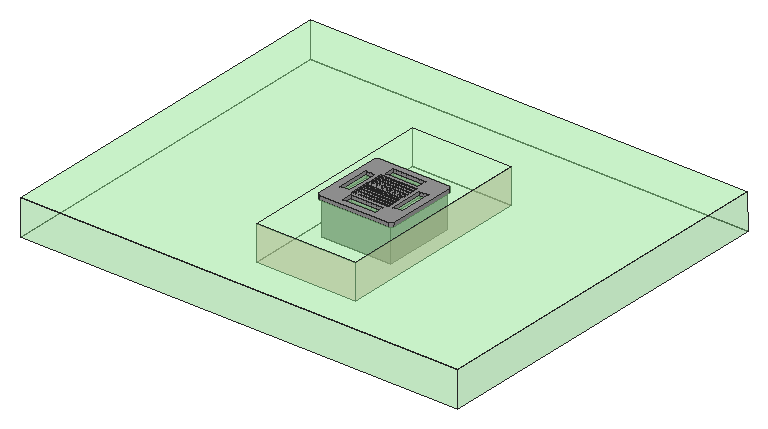
Revit family "BC_Hitachi_Cassette-RCIM-FSR-0.6-2.5_LOD400", category Mechanical Equipment, host Face, Revit 2018
Family settings
  Host = Face
  Round Connector Dimension = Use Diameter
  Part Type = Normal
  OmniClass Number = 23.75.70.00
  OmniClass Title = HVAC Distribution Devices
  Cut with Voids When Loaded = No
  Shared = No
  Room Calculation Point = No
Parameters (values of type "RCIM-0.4FSRE")
  Usage Current = 5 A
  Uniformat code = "D3040"
  Uniformat = "Distribution Systems"
  Sound power at rated load = 43
  Service space [instance] = yes
  Refrigerant Type = "R410A / R32"
  Reference = "RCIM-0.4FSRE"
  Product Code = "7E414148"
  Overall width = 570.00 mm
  Overall height = 570.00 mm
  Overall depth = 285.00 mm
  Outlet Diameter = 32.00 mm
  OmniClass description = "Air Handling Units"
  OmniClass code = "23-33 25 00"
  Number of Poles = 1
  Nominal Voltage = 230 V
  Name BIM&CO = "Indoor Unit"
  Minimum Air Flow = 6000.0 L/min
  Minimum AC Voltage = 207 V
  Maximum Air Flow = 8500.0 L/min
  Maximum AC Voltage = 253 V
  Masterformat Code = "23 73 00"
  MasterFormat = "Indoor Central-Station Air-Handling Units"
  Mass = 18.50 kg
  Manufacturer Product Link = ""
  Liquid Diameter = 6.35 mm
  Heating Capacity = 1.3 kW
  Gas Diameter = 12.70 mm
  GTIN (Global Trade Item Number)  = ""
  Frequency = 50 Hz
  Description = "Compact cassette 600 x 600 .Fits perfectly into a false ceiling tile..Individual control setting for each louver."
  Operation space [instance] = yes
  Model = "Cassette 600 x 600 RCIM FSR"
  Face Length = 620.00 mm
  Face Width = 620.00 mm
  Fan motor input = 57 W
  Manufacturer = "Hitachi Air Conditioning Europe SAS"
  Default Elevation = 1219.20 mm
  Cooling Capacity = 1.1 kW
  Type Comments = "RCIM-0.4FSRE"
  Color = "Neutral white (4.56Y8.85/0.38)"
  BC_VARIANT_ID = "508743"
  BC_OBJECT_VERSION = "#8"  # constant formula
  BC_OBJECT_ID = "209115"  # constant formula
  BC_MODEL_ID = ""  # constant formula
  Air Flow (HiH/Hi/Me/low) m3/min = "10/8.5/7.5/6"
  Acoustic Pressure Level Mini = 0
  Acoustic Pressure Level Maxi = 0
Types (7, lengths in mm): name | Sound power at rated load | Reference | Product Code | Minimum Air Flow | Maximum Air Flow | Mass | Liquid Diameter | Heating Capacity | Gas Diameter | Cooling Capacity | Type Comments | BC_VARIANT_ID | Air Flow (HiH/Hi/Me/low) m3/min | Acoustic Pressure Level Mini | Acoustic Pressure Level Maxi
  RCIM-2.5FSRE | 60 | "RCIM-2.5FSRE" | "7E414104" | 10000.0 L/min | 16000.0 L/min | 20.00 kg | 9.52 | 6.3 kW | 15.88 | 5.6 kW | "RCIM-2.5FSRE" | "508738" | "16/14/12/10" | 35 | 47
  RCIM-2.0FSRE | 56 | "RCIM-2.0FSRE" | "7E414103" | 8000.0 L/min | 15000.0 L/min | 20.00 kg | 6.35 | 5.6 kW | 12.70 | 5 kW | "RCIM-2.0FSRE" | "508742" | "15/12/10/8" | 31 | 45
  RCIM-1.5FSRE | 54 | "RCIM-1.5FSRE" | "7E414102" | 7000.0 L/min | 13000.0 L/min | 19.00 kg | 6.35 | 4 kW | 12.70 | 3.5 kW | "RCIM-0.4FSRE" | "508741" | "13/11/9.5/7" | 27.5 | 41
  RCIM-1.0FSRE | 51 | "RCIM-1.0FSRE" | "7E414101" | 6000.0 L/min | 12000.0 L/min | 19.00 kg | 6.35 | 2.8 kW | 12.70 | 2.5 kW | "RCIM-1.0FSRE" | "508740" | "12/10/8.5/6" | 24.5 | 38
  RCIM-0.8FSRE | 50 | "RCIM-0.8FSRE" | "7E414100" | 6000.0 L/min | 11000.0 L/min | 19.00 kg | 6.35 | 2.2 kW | 12.70 | 2 kW | "RCIM-0.8FSRE" | "508744" | "11/9.5/8/6" | 24.5 | 36
  RCIM-0.6FSRE | 47 | "RCIM-0.6FSRE" | "7E414137" | 6000.0 L/min | 10000.0 L/min | 19.00 kg | 6.35 | 1.9 kW | 12.70 | 1.7 kW | "RCIM-0.6FSRE" | "508739" | "10/8.5/7.5/6" | 24.5 | 34
  RCIM-0.4FSRE | 43 | "RCIM-0.4FSRE" | "7E414148" | 6000.0 L/min | 8500.0 L/min | 18.50 kg | 6.35 | 1.3 kW | 12.70 | 1.1 kW | "RCIM-0.4FSRE" | "508743" | "10/8.5/7.5/6" | 0 | 0
Reference planes
  plane 1 "Centre (avant/arrière)": y = 0
  plane 2 "L1": z = 0
  plane 3 "Centre (gauche/droite)": x = 0
  plane 4 "AVANT": y = 285
  plane 5 "DROITE": x = 285
  plane 6 "GAUCHE": x = -285
  plane 7 "ARRIERE": y = -285
  plane 8: z = -285
  plane 9 "AVANT FACADE": y = 310
  plane 10 "ARRIER FACADE": y = -310
  plane 11 "GAUCHE FACADE": x = -310
  plane 12 "DROIT FACADE": x = 310
  plane 13 "Facade": z = 30
  plane 14 "Decalage connecteurs": y = 265
  plane 15: x = -1810
  plane 16 "OS_Nord": y = 1500
  plane 17: x = 1810
  plane 18 "OS_Sud": y = -1500
  plane 19: x = -410
  plane 20 "SS_Nord": y = 810
  plane 21: x = 410
  plane 22 "SS_Sud": y = -810
  plane 23 "L2": z = -295
Forms (mm)
  Extrusion 1, solid, material "Aluminum"
    sketch origin (0, 0, 0) x (1, 0, 0) y (0, 1, 0)
      loop
        line (-145, 285) -> (-145, 265) -> (-285, 265) -> (-285, -285) -> (285, -285) -> (285, 285) -> (-145, 285)
    from 0 to -285
  Extrusion 2, solid, material "Plastic, Opaque White"
    sketch origin (0, 0, 0) x (1, 0, 0) y (0, 1, 0)
      loop
        arc (-285, 310) -> (-302.678, 302.678) -> (-310, 285) r 25
        line (-310, 285) -> (-310, -285)
        arc (-310, -285) -> (-302.678, -302.678) -> (-285, -310) r 25
        line (-285, -310) -> (285, -310)
        arc (285, -310) -> (302.678, -302.678) -> (310, -285) r 25
        line (310, -285) -> (310, 285)
        arc (310, 285) -> (302.678, 302.678) -> (285, 310) r 25
        line (285, 310) -> (-285, 310)
    from 0 to 30
  Extrusion 3, solid, material "Copper"
    sketch origin (0, 265, 0) x (-1, 0, 0) y (0, 0, 1)
      loop
        circle (220, -145) r 6.35
    from 0 to 69
  Extrusion 4, solid, material "Copper"
    sketch origin (0, 265, 0) x (-1, 0, 0) y (0, 0, 1)
      loop
        circle (169, -68) r 3.175
    from 0 to 84
  Extrusion 5, solid, material "Plastic, Opaque White"
    sketch origin (431, 285, 0) x (-1, 0, 0) y (0, 0, 1)
      loop
        circle (220, -108) r 16
    from 0 to 57
  Extrusion 6, solid, material "Aluminum"
    sketch origin (0, 285, 0) x (-1, 0, 0) y (0, 0, 1)
      loop
        line (132.318, 0) -> (-161.185, 0) -> (-161.185, -285) -> (132.318, -285) -> (132.318, 0)
    from 0 to 50
  Extrusion 7, void
    sketch origin (0, 0, 30) x (-1, 0, 0) y (0, -1, 0)
      loop
        line (134.211, -260) -> (134.211, -180) -> (-134.211, -180) -> (-134.211, -260) -> (134.211, -260)
      loop
        line (-180, -134.211) -> (-180, 134.211) -> (-260, 134.211) -> (-260, -134.211) -> (-180, -134.211)
      loop
        line (134.211, 180) -> (134.211, 260) -> (-134.211, 260) -> (-134.211, 180) -> (134.211, 180)
      loop
        line (260, -134.211) -> (260, 134.211) -> (180, 134.211) -> (180, -134.211) -> (260, -134.211)
      loop
        line (150, -150) -> (150, -134.211) -> (-150, -134.211) -> (-150, -150) -> (150, -150)
      loop
        line (150, -118.421) -> (150, -102.632) -> (-150, -102.632) -> (-150, -118.421) -> (150, -118.421)
      loop
        line (150, -86.842) -> (150, -71.053) -> (-150, -71.053) -> (-150, -86.842) -> (150, -86.842)
      loop
        line (150, -55.263) -> (150, -39.474) -> (-150, -39.474) -> (-150, -55.263) -> (150, -55.263)
      loop
        line (150, -23.684) -> (150, -7.895) -> (-150, -7.895) -> (-150, -23.684) -> (150, -23.684)
      loop
        line (150, 7.895) -> (150, 23.684) -> (-150, 23.684) -> (-150, 7.895) -> (150, 7.895)
      loop
        line (150, 39.474) -> (150, 55.263) -> (-150, 55.263) -> (-150, 39.474) -> (150, 39.474)
      loop
        line (150, 71.053) -> (150, 86.842) -> (-150, 86.842) -> (-150, 71.053) -> (150, 71.053)
      loop
        line (150, 102.632) -> (150, 118.421) -> (-150, 118.421) -> (-150, 102.632) -> (150, 102.632)
      loop
        line (150, 134.211) -> (150, 150) -> (-150, 150) -> (-150, 134.211) -> (150, 134.211)
    from 0 to -50
  Extrusion 8, solid, material "Service space", visible <- "Service space"
    sketch origin (0, 0, -295) x (1, 0, 0) y (0, 1, 0)
      loop
        line (-410, 810) -> (-410, -810) -> (410, -810) -> (410, 810) -> (-410, 810)
    from 0 to 295
  Extrusion 9, solid, material "Operation space", visible <- "Operation space"
    sketch origin (0, 0, -295) x (1, 0, 0) y (0, 1, 0)
      loop
        line (-1810, 1500) -> (-1810, -1500) -> (1810, -1500) -> (1810, 1500) -> (-1810, 1500)
    from 0 to 295
Cuts and joins
  Extrusion 7 cuts Extrusion 1
  Extrusion 7 cuts Extrusion 2
Lines and regions (mm)
  model lines, style "MechanicalEquipmentHiddenLines", visible <- "Operation space"
    curve 1: line (-1810, 1500, 0) -> (1810, 1500, 0)
    curve 2: line (-1810, -1500, 0) -> (-1810, 1500, 0)
    curve 3: line (1810, -1500, 0) -> (-1810, -1500, 0)
    curve 4: line (1810, 1500, 0) -> (1810, -1500, 0)
    curve 5: line (-1810, 1500, -295) -> (1810, 1500, -295)
    curve 6: line (-1810, -1500, -295) -> (-1810, 1500, -295)
    curve 7: line (1810, -1500, -295) -> (-1810, -1500, -295)
    curve 8: line (1810, 1500, -295) -> (1810, -1500, -295)
    curve 21: line (-1810, -1500, 0) -> (-1810, -1500, -295)
    curve 22: line (1810, -1500, -295) -> (1810, -1500, 0)
    curve 23: line (1810, 1500, -295) -> (1810, 1500, 0)
    curve 24: line (-1810, 1500, -295) -> (-1810, 1500, 0)
  model lines, style "MechanicalEquipmentHiddenLines", visible <- "Service space"
    curve 9: line (-410, 810, -295) -> (410, 810, -295)
    curve 10: line (-410, -810, -295) -> (-410, 810, -295)
    curve 11: line (410, -810, -295) -> (-410, -810, -295)
    curve 12: line (410, 810, -295) -> (410, -810, -295)
    curve 13: line (-410, 810, 0) -> (410, 810, 0)
    curve 14: line (-410, -810, 0) -> (-410, 810, 0)
    curve 15: line (410, -810, 0) -> (-410, -810, 0)
    curve 16: line (410, 810, 0) -> (410, -810, 0)
    curve 17: line (-410, 810, -295) -> (410, 810, -295)
    curve 18: line (-410, -810, -295) -> (-410, 810, -295)
    curve 19: line (410, -810, -295) -> (-410, -810, -295)
    curve 20: line (410, 810, -295) -> (410, -810, -295)
    curve 25: line (-410, 810, 0) -> (-410, 810, -295)
    curve 26: line (410, 810, 0) -> (410, 810, -295)
    curve 27: line (410, -810, 0) -> (410, -810, -295)
    curve 28: line (-410, -810, 0) -> (-410, -810, -295)
  model lines
    curve 29: line (-150, 150, 30) -> (150, 150, 30)
    curve 30: line (-150, -150, 30) -> (-150, 150, 30)
    curve 31: line (150, -150, 30) -> (-150, -150, 30)
    curve 32: line (150, 150, 30) -> (150, -150, 30)
    curve 33: line (-150, 134.211, 30) -> (150, 134.211, 30)
    curve 34: line (-150, 118.421, 30) -> (150, 118.421, 30)
    curve 35: line (-150, 102.632, 30) -> (150, 102.632, 30)
    curve 36: line (-150, 86.842, 30) -> (150, 86.842, 30)
    curve 37: line (-150, 71.053, 30) -> (150, 71.053, 30)
    curve 38: line (-150, 55.263, 30) -> (150, 55.263, 30)
    curve 39: line (-150, 39.474, 30) -> (150, 39.474, 30)
    curve 40: line (-150, 23.684, 30) -> (150, 23.684, 30)
    curve 41: line (-150, 7.895, 30) -> (150, 7.895, 30)
    curve 42: line (-150, -7.895, 30) -> (150, -7.895, 30)
    curve 43: line (-150, -23.684, 30) -> (150, -23.684, 30)
    curve 44: line (-150, -39.474, 30) -> (150, -39.474, 30)
    curve 45: line (-150, -55.263, 30) -> (150, -55.263, 30)
    curve 46: line (-150, -71.053, 30) -> (150, -71.053, 30)
    curve 47: line (-150, -86.842, 30) -> (150, -86.842, 30)
    curve 48: line (-150, -102.632, 30) -> (150, -102.632, 30)
    curve 49: line (-150, -118.421, 30) -> (150, -118.421, 30)
    curve 50: line (-150, -134.211, 30) -> (150, -134.211, 30)
    curve 51: line (-260, 134.211, 30) -> (-180, 134.211, 30)
    curve 52: line (-260, -134.211, 30) -> (-260, 134.211, 30)
    curve 53: line (-180, -134.211, 30) -> (-260, -134.211, 30)
    curve 54: line (-180, 134.211, 30) -> (-180, -134.211, 30)
    curve 55: line (134.211, 260, 30) -> (134.211, 180, 30)
    curve 56: line (-134.211, 260, 30) -> (134.211, 260, 30)
    curve 57: line (-134.211, 180, 30) -> (-134.211, 260, 30)
    curve 58: line (134.211, 180, 30) -> (-134.211, 180, 30)
    curve 59: line (260, -134.211, 30) -> (180, -134.211, 30)
    curve 60: line (260, 134.211, 30) -> (260, -134.211, 30)
    curve 61: line (180, 134.211, 30) -> (260, 134.211, 30)
    curve 62: line (180, -134.211, 30) -> (180, 134.211, 30)
    curve 63: line (-134.211, -260, 30) -> (-134.211, -180, 30)
    curve 64: line (134.211, -260, 30) -> (-134.211, -260, 30)
    curve 65: line (134.211, -180, 30) -> (134.211, -260, 30)
    curve 66: line (-134.211, -180, 30) -> (134.211, -180, 30)
Dimensions and locks
  equal spacing: plane 6 "GAUCHE", plane 3 "Centre (gauche/droite)", plane 5 "DROITE"
  equal spacing: plane 7 "ARRIERE", plane 1 "Centre (avant/arrière)", plane 4 "AVANT"
  "Overall height": plane 6 "GAUCHE" to plane 5 "DROITE"
  "Overall width": plane 4 "AVANT" to plane 7 "ARRIERE"
  "Overall depth": plane 2 "L1" to plane 8
  equal spacing: plane 11 "GAUCHE FACADE", plane 3 "Centre (gauche/droite)", plane 12 "DROIT FACADE"
  equal spacing: plane 10 "ARRIER FACADE", plane 1 "Centre (avant/arrière)", plane 9 "AVANT FACADE"
  "Face Length": plane 11 "GAUCHE FACADE" to plane 12 "DROIT FACADE"
  "Face Width": plane 10 "ARRIER FACADE" to plane 9 "AVANT FACADE"
  Extrusion 3 sketch curve to plane 8 = 140.00 mm
  plane 11 "GAUCHE FACADE" to Extrusion 3 sketch curve = 90.00 mm
  Extrusion 5 sketch curve to plane 8 = 177.00 mm
  equal spacing: plane 15, plane 3 "Centre (gauche/droite)", plane 17
  plane 12 "DROIT FACADE" to plane 17 = 1500.00 mm
  equal spacing: plane 16 "OS_Nord", plane 1 "Centre (avant/arrière)", plane 18 "OS_Sud"
  plane 16 "OS_Nord" to plane 1 "Centre (avant/arrière)" = 1500.00 mm
  equal spacing: plane 19, plane 3 "Centre (gauche/droite)", plane 21
  equal spacing: plane 22 "SS_Sud", plane 1 "Centre (avant/arrière)", plane 20 "SS_Nord"
  plane 19 to plane 11 "GAUCHE FACADE" = 100.00 mm
  plane 20 "SS_Nord" to plane 9 "AVANT FACADE" = 500.00 mm
  locked: plane 23 "L2" to plane 8 at 10
  equal spacing: curve 30, plane 3 "Centre (gauche/droite)", curve 32
  equal spacing: curve 31, plane 1 "Centre (avant/arrière)", curve 29
  plane 3 "Centre (gauche/droite)" to curve 32 = 150.00 mm
  curve 31 to plane 1 "Centre (avant/arrière)" = 150.00 mm
  "Gas Diameter": diameter of Extrusion 3 sketch curve
  "Liquid Diameter": diameter of Extrusion 4 sketch curve
  "Outlet Diameter": diameter of Extrusion 5 sketch curve
  aligned and locked: plane 2 "L1" to host face
  aligned and locked: level to host face
  aligned and locked: Extrusion 1 sketch curve to plane 4 "AVANT"
  aligned and locked: Extrusion 1 sketch curve to plane 6 "GAUCHE"
  aligned and locked: Extrusion 1 sketch curve to plane 7 "ARRIERE"
  aligned and locked: Extrusion 1 sketch curve to plane 5 "DROITE"
  aligned and locked: Extrusion 1 to plane 8
  aligned and locked: plane 14 "Decalage connecteurs" to Extrusion 1
  aligned and locked: curve 1 to plane 16 "OS_Nord"
  aligned and locked: curve 2 to plane 15
  aligned and locked: plane 18 "OS_Sud" to curve 3
  aligned and locked: curve 4 to plane 17
  aligned and locked: curve 5 to curve 1
  aligned and locked: curve 6 to curve 2
  aligned and locked: curve 7 to curve 3
  aligned and locked: curve 8 to curve 4
  aligned and locked: curve 9 to plane 20 "SS_Nord"
  aligned and locked: curve 10 to plane 19
  aligned and locked: plane 22 "SS_Sud" to curve 11
  aligned and locked: curve 12 to plane 21
  aligned and locked: Extrusion 7 sketch curve to curve 56
  aligned and locked: Extrusion 7 sketch curve to curve 57
  aligned and locked: Extrusion 7 sketch curve to curve 58
  aligned and locked: Extrusion 7 sketch curve to curve 55
  aligned and locked: Extrusion 7 sketch curve to curve 61
  aligned and locked: Extrusion 7 sketch curve to curve 62
  aligned and locked: Extrusion 7 sketch curve to curve 59
  aligned and locked: Extrusion 7 sketch curve to curve 60
  aligned and locked: Extrusion 7 sketch curve to curve 66
  aligned and locked: Extrusion 7 sketch curve to curve 63
  aligned and locked: Extrusion 7 sketch curve to curve 64
  aligned and locked: Extrusion 7 sketch curve to curve 65
  aligned and locked: Extrusion 7 sketch curve to curve 51
  aligned and locked: Extrusion 7 sketch curve to curve 52
  aligned and locked: Extrusion 7 sketch curve to curve 53
  aligned and locked: Extrusion 7 sketch curve to curve 54
  aligned and locked: Extrusion 7 sketch curve to curve 29
  aligned and locked: curve 30 to Extrusion 7 sketch curve
  aligned and locked: Extrusion 7 sketch curve to curve 33
  aligned and locked: Extrusion 7 sketch curve to curve 32
  aligned and locked: Extrusion 8 sketch curve to curve 9
  aligned and locked: Extrusion 8 sketch curve to curve 10
  aligned and locked: Extrusion 8 sketch curve to curve 11
  aligned and locked: Extrusion 8 sketch curve to curve 12
  aligned and locked: level to Extrusion 8
  aligned and locked: Extrusion 9 sketch curve to curve 1
  aligned and locked: Extrusion 9 sketch curve to curve 2
  aligned and locked: Extrusion 9 sketch curve to curve 3
  aligned and locked: Extrusion 9 sketch curve to curve 4
  aligned and locked: Extrusion 9 to level
Automatic sketch dimensions
  host sketch curve to host sketch curve = 2438.40 mm  (x2)
  Extrusion 6 sketch curve to level = 0.00 mm
  Extrusion 6 sketch curve to plane 8 = 0.00 mm
  Extrusion 6 sketch curve to plane 5 "DROITE" = 123.815 mm
  Extrusion 6 sketch curve to plane 3 "Centre (gauche/droite)" = 132.318 mm
  Extrusion 1 sketch curve to plane 4 "AVANT" = 20.00 mm
  Extrusion 1 sketch curve to plane 6 "GAUCHE" = 140.00 mm
  curve 22 to plane 17 = 0.00 mm
  plane 15 to curve 21 = 0.00 mm
  curve 21 to plane 23 "L2" = 0.00 mm
  curve 22 to plane 23 "L2" = 0.00 mm
  curve 22 to level = 0.00 mm
  curve 21 to level = 0.00 mm
  curve 23 to level = 0.00 mm
  curve 23 to plane 17 = 0.00 mm
  curve 24 to level = 0.00 mm
  plane 15 to curve 24 = 0.00 mm
  curve 24 to plane 23 "L2" = 0.00 mm
  curve 23 to plane 23 "L2" = 0.00 mm
  curve 26 to level = 0.00 mm
  curve 26 to plane 21 = 0.00 mm
  plane 19 to curve 25 = 0.00 mm
  curve 25 to plane 23 "L2" = 0.00 mm
  curve 26 to plane 23 "L2" = 0.00 mm
  curve 25 to level = 0.00 mm
  curve 27 to plane 21 = 0.00 mm
  plane 19 to curve 28 = 0.00 mm
  curve 27 to plane 23 "L2" = 0.00 mm
  curve 28 to plane 23 "L2" = 0.00 mm
  curve 28 to level = 0.00 mm
  curve 27 to level = 0.00 mm
  curve 15 to plane 19 = 0.00 mm
  curve 16 to plane 20 "SS_Nord" = 0.00 mm
  curve 16 to plane 21 = 0.00 mm
  curve 14 to plane 22 "SS_Sud" = 0.00 mm
  curve 29 to plane 14 "Decalage connecteurs" = 115.00 mm
  plane 1 "Centre (avant/arrière)" to curve 42 = 7.895 mm
  curve 40 to plane 1 "Centre (avant/arrière)" = 23.684 mm
  curve 33 to curve 51 = 30.00 mm
  curve 29 to curve 52 = 15.789 mm
  curve 29 to curve 33 = 15.789 mm
  curve 33 to curve 34 = 15.789 mm
  curve 34 to curve 35 = 15.789 mm
  curve 35 to curve 36 = 15.789 mm
  curve 36 to curve 37 = 15.789 mm
  curve 37 to curve 38 = 15.789 mm
  curve 38 to curve 39 = 15.789 mm
  curve 41 to plane 1 "Centre (avant/arrière)" = 7.895 mm
  curve 42 to curve 43 = 15.789 mm
  curve 43 to curve 44 = 15.789 mm
  curve 44 to curve 45 = 15.789 mm
  curve 45 to curve 46 = 15.789 mm
  curve 46 to curve 47 = 15.789 mm
  curve 47 to curve 48 = 15.789 mm
  curve 48 to curve 49 = 15.789 mm
  curve 52 to curve 30 = 15.789 mm
  curve 50 to curve 30 = 15.789 mm
  curve 62 to curve 33 = 30.00 mm
  curve 60 to plane 5 "DROITE" = 25.00 mm
  curve 64 to plane 7 "ARRIERE" = 25.00 mm
  curve 29 to curve 58 = 15.789 mm
  curve 31 to curve 66 = 15.789 mm
  curve 63 to curve 30 = 15.789 mm
  curve 57 to plane 14 "Decalage connecteurs" = 5.00 mm
  curve 57 to curve 29 = 15.789 mm
  curve 58 to curve 29 = 30.00 mm
  curve 33 to curve 61 = 0.00 mm
  curve 50 to curve 59 = 0.00 mm
  curve 30 to curve 63 = 30.00 mm
  curve 59 to curve 59 = 80.00 mm
  curve 53 to plane 6 "GAUCHE" = 25.00 mm
  Extrusion 2 sketch curve to plane 4 "AVANT" = 0.00 mm  (x2)
  Extrusion 2 sketch curve to plane 11 "GAUCHE FACADE" = 0.00 mm
  Extrusion 2 sketch curve to plane 6 "GAUCHE" = 0.00 mm  (x2)
  Extrusion 2 sketch curve to plane 5 "DROITE" = 0.00 mm  (x2)
  plane 7 "ARRIERE" to Extrusion 2 sketch curve = 0.00 mm
  Extrusion 7 sketch curve to Extrusion 7 sketch curve = 0.00 mm  (x16)
  Extrusion 7 sketch curve to Extrusion 7 sketch curve = 30.00 mm
  plane 1 "Centre (avant/arrière)" to Extrusion 7 sketch curve = 7.895 mm
  Extrusion 7 sketch curve to plane 1 "Centre (avant/arrière)" = 23.684 mm
  Extrusion 7 sketch curve to Extrusion 7 sketch curve = 15.789 mm  (x16)
  Extrusion 7 sketch curve to plane 1 "Centre (avant/arrière)" = 7.895 mm
  Extrusion 4 sketch curve to plane 6 "GAUCHE" = 116.00 mm
  Extrusion 4 sketch curve to level = 68.00 mm
  Extrusion 5 sketch curve to plane 5 "DROITE" = 74.00 mm
Connectors
  piping at (-220, 334, -145), diameter 12.7, driven by "Gas Diameter"
    settings: on Extrusion 3, index 1, connector inside diameter 609.6 mm, connector length 0.00 mm, flow factor 0, pipe flow 0.0 L/s, pressure drop 0.0 Pa, fitting loss kfactor 0, connector angle 0.00°, fixture units 0, engagement length 0.00 mm, angle of deflection 0.00°, flow configuration 0, flow direction 0, fitting loss method 0, system type 29, joint type 0, gender type 0, connector reference index -1, connector utility 0, adjustable connector no, is connector primary yes, connector description ""
  piping at (-169, 349, -68), diameter 6.35, driven by "Liquid Diameter"
    settings: on Extrusion 4, index 2, connector inside diameter 609.6 mm, connector length 0.00 mm, flow factor 0, pipe flow 0.0 L/s, pressure drop 0.0 Pa, fitting loss kfactor 0, connector angle 0.00°, fixture units 0, engagement length 0.00 mm, angle of deflection 0.00°, flow configuration 0, flow direction 0, fitting loss method 0, system type 29, joint type 0, gender type 0, connector reference index -1, connector utility 0, adjustable connector no, is connector primary no, connector description ""
  piping at (211, 342, -108), diameter 32, driven by "Outlet Diameter"
    settings: on Extrusion 5, index 3, connector inside diameter 609.6 mm, connector length 0.00 mm, flow factor 0, pipe flow 0.0 L/s, pressure drop 0.0 Pa, fitting loss kfactor 0, connector angle 0.00°, fixture units 0, engagement length 0.00 mm, angle of deflection 0.00°, flow configuration 0, flow direction 0, fitting loss method 0, system type 16, joint type 0, gender type 0, connector reference index -1, connector utility 0, adjustable connector no, is connector primary no, connector description ""
  electrical at (14.434, 335, -142.5), driven by "Nominal Voltage"
    settings: on Extrusion 6, index 5, voltage 230 V, apparent load 0 VA, apparent load phase1 0 VA, apparent load phase2 0 VA, apparent load phase3 0 VA, power factor 1, load classification "Autre", number of poles 1, system type 30, power factor state 1, is connector primary yes, connector utility no, sub classification motor no, connector description ""
